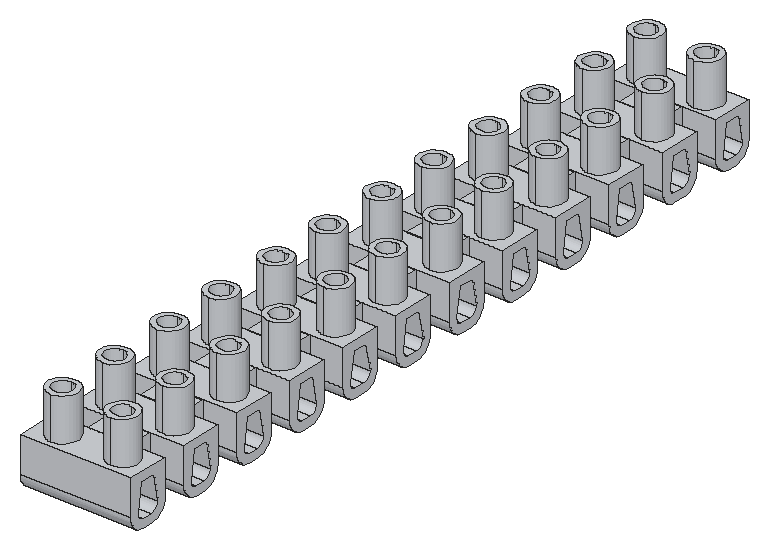
Revit family "CS3A", category Generic Models, Revit 2017
Family settings
  Can host rebar = No
  Round Connector Dimension = Use Diameter
  Part Type = Normal
  Work Plane-Based = Yes
  Always vertical = No
  Cut with Voids When Loaded = No
  Shared = No
  Room Calculation Point = No
Parameters (values of type "NBS Standard Parameters")
  Weight = "0.0155Kg"
  WarrantyStartDate [instance] = "1900-12-31T23:59:59"
  WarrantyGuarantorParts = "n/a"
  WarrantyGuarantorLabor = "n/a"
  WarrantyDurationUnit = "1 year"
  WarrantyDurationParts = "n/a"
  WarrantyDurationLabor = "n/a"
  WarrantyDescription = "n/a"
  Version = "1"
  Uniclass2 = "Pr_65_72_97_27"
  TagNumber [instance] = "n/a"
  SustainabilityPerformance = "n/a"
  Size = "3amp"
  Shape = "Circular"
  SerialNumber [instance] = "n/a"
  Revision = "n/a"
  ReplacementCost = "n/a"
  ProductInformation = "www.metpro.co.uk/pdf/cs3a.pdf"
  NominalWidth = 15.6 mm
  NominalLength = 90 mm
  NominalHeight = 12.7 mm
  Name = ""
  NBSTypeID = ""
  NBSReference = "90-60-25/485"
  NBSOfficeMasterTag = ""
  NBSNote = ""
  NBSDescription = "Electrical Connection Boxes"
  NBSCertification = ""
  ModelReference = "CS3A"
  ModelNumber = "n/a"
  Material = "Polyethylene"
  ManufacturerURL = "www.metpro.co.uk"
  ManufacturerName = "Metpro Ltd"
  Keynote = "Maximum Temperature 80 degree celsius"
  InstallationDate [instance] = "1900-12-31T23:59:59"
  IfcExportType = ""
  IfcExportAs = ""
  Grade = "n/a"
  Finish = "Natural"
  Features = "n/a"
  ExpectedLife = "n/a"
  DurationUnit = "year"
  Description = "CS3A - 3 Amp 12 way Connector Strip"
  Default Elevation = 1219.2 mm
  Constituents = "n/a"
  Color = "n/a"
  CodePerformance = "n/a"
  Category = "n/a"
  BarCode [instance] = "n/a"
  BIMObjectName = "Metpro_metprolibrary_electricalconnectionbox _connectorstrip_polyproplene"
  Author = "Metpro Limited"
  AssetType = ""
  AssetIdentifier [instance] = "n/a"
  AccessibilityPerformance = "n/a"
Reference planes
  plane 1 "Center (Front/Back)": y = 0
  plane 2: z = 0
  plane 3 "Center (Left/Right)": x = 0
Forms (mm)
  Extrusion 1, solid
    sketch origin (-10657.102, 314.192, 2.732) x (0, 1, 0) y (0, 0, 1)
      loop
        line (162.733, 31.137) -> (162.733, 26.097)
        arc (162.733, 26.097) -> (163.395, 24.499) -> (164.993, 23.837) r 2.26
        line (164.993, 23.837) -> (166.186, 23.837)
        arc (166.186, 23.837) -> (167.812, 24.511) -> (168.486, 26.137) r 2.3
        line (168.486, 26.137) -> (168.486, 31.137) -> (162.733, 31.137)
      loop
        arc (163.933, 26.097) -> (164.243, 25.348) -> (164.993, 25.037) r 1.06
        line (164.993, 25.037) -> (166.433, 25.037)
        arc (166.433, 25.037) -> (167.211, 25.359) -> (167.533, 26.137) r 1.1
        line (167.533, 26.137) -> (166.794, 29.937) -> (164.517, 29.937) -> (163.933, 26.097)
      loop
        line (153.308, 31.137) -> (153.308, 26.097)
        arc (153.308, 26.097) -> (153.97, 24.499) -> (155.568, 23.837) r 2.26
        line (155.568, 23.837) -> (157.008, 23.837)
        arc (157.008, 23.837) -> (158.635, 24.511) -> (159.308, 26.137) r 2.3
        line (159.308, 26.137) -> (159.308, 31.137) -> (153.308, 31.137)
      loop
        arc (154.508, 26.097) -> (154.819, 25.348) -> (155.568, 25.037) r 1.06
        line (155.568, 25.037) -> (157.008, 25.037)
        arc (157.008, 25.037) -> (157.786, 25.359) -> (158.108, 26.137) r 1.1
        line (158.108, 26.137) -> (157.37, 29.937) -> (155.093, 29.937) -> (154.508, 26.097)
      loop
        line (143.859, 31.137) -> (143.859, 26.097)
        arc (143.859, 26.097) -> (144.521, 24.499) -> (146.119, 23.837) r 2.26
        line (146.119, 23.837) -> (147.559, 23.837)
        arc (147.559, 23.837) -> (149.186, 24.511) -> (149.859, 26.137) r 2.3
        line (149.859, 26.137) -> (149.859, 31.137) -> (143.859, 31.137)
      loop
        arc (145.059, 26.097) -> (145.37, 25.348) -> (146.119, 25.037) r 1.06
        line (146.119, 25.037) -> (147.559, 25.037)
        arc (147.559, 25.037) -> (148.337, 25.359) -> (148.659, 26.137) r 1.1
        line (148.659, 26.137) -> (147.921, 29.937) -> (145.644, 29.937) -> (145.059, 26.097)
      loop
        line (134.473, 31.137) -> (134.473, 26.097)
        arc (134.473, 26.097) -> (135.135, 24.499) -> (136.733, 23.837) r 2.26
        line (136.733, 23.837) -> (138.173, 23.837)
        arc (138.173, 23.837) -> (139.799, 24.511) -> (140.473, 26.137) r 2.3
        line (140.473, 26.137) -> (140.473, 31.137) -> (134.473, 31.137)
      loop
        arc (135.673, 26.097) -> (135.983, 25.348) -> (136.733, 25.037) r 1.06
        line (136.733, 25.037) -> (138.173, 25.037)
        arc (138.173, 25.037) -> (138.951, 25.359) -> (139.273, 26.137) r 1.1
        line (139.273, 26.137) -> (138.534, 29.937) -> (136.257, 29.937) -> (135.673, 26.097)
      loop
        line (125.024, 31.137) -> (125.024, 26.097)
        arc (125.024, 26.097) -> (125.686, 24.499) -> (127.284, 23.837) r 2.26
        line (127.284, 23.837) -> (128.724, 23.837)
        arc (128.724, 23.837) -> (130.35, 24.511) -> (131.024, 26.137) r 2.3
        line (131.024, 26.137) -> (131.024, 31.137) -> (125.024, 31.137)
      loop
        arc (126.224, 26.097) -> (126.534, 25.348) -> (127.284, 25.037) r 1.06
        line (127.284, 25.037) -> (128.724, 25.037)
        arc (128.724, 25.037) -> (129.502, 25.359) -> (129.824, 26.137) r 1.1
        line (129.824, 26.137) -> (129.085, 29.937) -> (126.808, 29.937) -> (126.224, 26.097)
      loop
        line (115.604, 31.137) -> (115.604, 26.097)
        arc (115.604, 26.097) -> (116.266, 24.499) -> (117.864, 23.837) r 2.26
        line (117.864, 23.837) -> (119.304, 23.837)
        arc (119.304, 23.837) -> (120.93, 24.511) -> (121.604, 26.137) r 2.3
        line (121.604, 26.137) -> (121.604, 31.137) -> (115.604, 31.137)
      loop
        arc (116.804, 26.097) -> (117.114, 25.348) -> (117.864, 25.037) r 1.06
        line (117.864, 25.037) -> (119.304, 25.037)
        arc (119.304, 25.037) -> (120.082, 25.359) -> (120.404, 26.137) r 1.1
        line (120.404, 26.137) -> (119.665, 29.937) -> (117.388, 29.937) -> (116.804, 26.097)
      loop
        line (106.183, 31.137) -> (106.183, 26.097)
        arc (106.183, 26.097) -> (106.845, 24.499) -> (108.443, 23.837) r 2.26
        line (108.443, 23.837) -> (109.883, 23.837)
        arc (109.883, 23.837) -> (111.509, 24.511) -> (112.183, 26.137) r 2.3
        line (112.183, 26.137) -> (112.183, 31.137) -> (106.183, 31.137)
      loop
        arc (107.383, 26.097) -> (107.693, 25.348) -> (108.443, 25.037) r 1.06
        line (108.443, 25.037) -> (109.883, 25.037)
        arc (109.883, 25.037) -> (110.66, 25.359) -> (110.983, 26.137) r 1.1
        line (110.983, 26.137) -> (110.244, 29.937) -> (107.967, 29.937) -> (107.383, 26.097)
      loop
        line (96.825, 31.137) -> (96.825, 26.097)
        arc (96.825, 26.097) -> (97.487, 24.499) -> (99.086, 23.837) r 2.26
        line (99.086, 23.837) -> (100.525, 23.837)
        arc (100.525, 23.837) -> (102.152, 24.511) -> (102.825, 26.137) r 2.3
        line (102.825, 26.137) -> (102.825, 31.137) -> (96.825, 31.137)
      loop
        arc (98.025, 26.097) -> (98.336, 25.348) -> (99.086, 25.037) r 1.06
        line (99.086, 25.037) -> (100.525, 25.037)
        arc (100.525, 25.037) -> (101.303, 25.359) -> (101.625, 26.137) r 1.1
        line (101.625, 26.137) -> (100.887, 29.937) -> (98.61, 29.937) -> (98.025, 26.097)
      loop
        line (87.404, 31.137) -> (87.404, 26.097)
        arc (87.404, 26.097) -> (88.066, 24.499) -> (89.664, 23.837) r 2.26
        line (89.664, 23.837) -> (91.104, 23.837)
        arc (91.104, 23.837) -> (92.73, 24.511) -> (93.404, 26.137) r 2.3
        line (93.404, 26.137) -> (93.404, 31.137) -> (87.404, 31.137)
      loop
        arc (88.604, 26.097) -> (88.915, 25.348) -> (89.664, 25.037) r 1.06
        line (89.664, 25.037) -> (91.104, 25.037)
        arc (91.104, 25.037) -> (91.882, 25.359) -> (92.204, 26.137) r 1.1
        line (92.204, 26.137) -> (91.465, 29.937) -> (89.189, 29.937) -> (88.604, 26.097)
      loop
        line (77.983, 31.137) -> (77.983, 26.097)
        arc (77.983, 26.097) -> (78.645, 24.499) -> (80.243, 23.837) r 2.26
        line (80.243, 23.837) -> (81.683, 23.837)
        arc (81.683, 23.837) -> (83.309, 24.511) -> (83.983, 26.137) r 2.3
        line (83.983, 26.137) -> (83.983, 31.137) -> (77.983, 31.137)
      loop
        arc (79.183, 26.097) -> (79.493, 25.348) -> (80.243, 25.037) r 1.06
        line (80.243, 25.037) -> (81.683, 25.037)
        arc (81.683, 25.037) -> (82.461, 25.359) -> (82.783, 26.137) r 1.1
        line (82.783, 26.137) -> (82.044, 29.937) -> (79.767, 29.937) -> (79.183, 26.097)
      loop
        line (68.561, 31.137) -> (68.561, 26.097)
        arc (68.561, 26.097) -> (69.223, 24.499) -> (70.822, 23.837) r 2.26
        line (70.822, 23.837) -> (72.261, 23.837)
        arc (72.261, 23.837) -> (73.888, 24.511) -> (74.561, 26.137) r 2.3
        line (74.561, 26.137) -> (74.561, 31.137) -> (68.561, 31.137)
      loop
        arc (69.761, 26.097) -> (70.072, 25.348) -> (70.822, 25.037) r 1.06
        line (70.822, 25.037) -> (72.261, 25.037)
        arc (72.261, 25.037) -> (73.039, 25.359) -> (73.361, 26.137) r 1.1
        line (73.361, 26.137) -> (72.623, 29.937) -> (70.346, 29.937) -> (69.761, 26.097)
      loop
        line (59.207, 31.137) -> (59.207, 26.097)
        arc (59.207, 26.097) -> (59.869, 24.499) -> (61.467, 23.837) r 2.26
        line (61.467, 23.837) -> (62.907, 23.837)
        arc (62.907, 23.837) -> (64.534, 24.511) -> (65.207, 26.137) r 2.3
        line (65.207, 26.137) -> (65.207, 31.137) -> (59.207, 31.137)
      loop
        arc (60.407, 26.097) -> (60.718, 25.348) -> (61.467, 25.037) r 1.06
        line (61.467, 25.037) -> (62.907, 25.037)
        arc (62.907, 25.037) -> (63.685, 25.359) -> (64.007, 26.137) r 1.1
        line (64.007, 26.137) -> (63.269, 29.937) -> (60.992, 29.937) -> (60.407, 26.097)
    from -7.827 to 7.8
  Extrusion 2, solid
    sketch origin (-10657.102, 314.192, 2.732) x (0, 1, 0) y (0, 0, 1)
      loop
        arc (65.207, 26.137) -> (64.534, 24.511) -> (62.907, 23.837) r 2.3
        line (62.907, 23.837) -> (70.822, 23.837)
        arc (70.822, 23.837) -> (69.223, 24.499) -> (68.561, 26.097) r 2.26
        line (68.561, 26.097) -> (68.561, 31.137) -> (65.207, 31.137) -> (65.207, 26.137)
      loop
        arc (74.561, 26.137) -> (73.888, 24.511) -> (72.261, 23.837) r 2.3
        line (72.261, 23.837) -> (80.243, 23.837)
        arc (80.243, 23.837) -> (78.645, 24.499) -> (77.983, 26.097) r 2.26
        line (77.983, 26.097) -> (77.983, 31.137) -> (74.561, 31.137) -> (74.561, 26.137)
      loop
        arc (83.983, 26.137) -> (83.309, 24.511) -> (81.683, 23.837) r 2.3
        line (81.683, 23.837) -> (89.664, 23.837)
        arc (89.664, 23.837) -> (88.066, 24.499) -> (87.404, 26.097) r 2.26
        line (87.404, 26.097) -> (87.404, 31.137) -> (83.983, 31.137) -> (83.983, 26.137)
      loop
        line (91.104, 23.837) -> (99.086, 23.837)
        arc (99.086, 23.837) -> (97.487, 24.499) -> (96.825, 26.097) r 2.26
        line (96.825, 26.097) -> (96.825, 31.137) -> (93.404, 31.137) -> (93.404, 26.137)
        arc (93.404, 26.137) -> (92.73, 24.511) -> (91.104, 23.837) r 2.3
      loop
        line (100.525, 23.837) -> (108.443, 23.837)
        arc (108.443, 23.837) -> (106.845, 24.499) -> (106.183, 26.097) r 2.26
        line (106.183, 26.097) -> (106.183, 31.137) -> (102.825, 31.137) -> (102.825, 26.137)
        arc (102.825, 26.137) -> (102.152, 24.511) -> (100.525, 23.837) r 2.3
      loop
        line (109.883, 23.837) -> (117.864, 23.837)
        arc (117.864, 23.837) -> (116.266, 24.499) -> (115.604, 26.097) r 2.26
        line (115.604, 26.097) -> (115.604, 31.137) -> (112.183, 31.137) -> (112.183, 26.137)
        arc (112.183, 26.137) -> (111.509, 24.511) -> (109.883, 23.837) r 2.3
      loop
        line (119.304, 23.837) -> (127.284, 23.837)
        arc (127.284, 23.837) -> (125.686, 24.499) -> (125.024, 26.097) r 2.26
        line (125.024, 26.097) -> (125.024, 31.137) -> (121.604, 31.137) -> (121.604, 26.137)
        arc (121.604, 26.137) -> (120.93, 24.511) -> (119.304, 23.837) r 2.3
      loop
        line (128.724, 23.837) -> (136.733, 23.837)
        arc (136.733, 23.837) -> (135.135, 24.499) -> (134.473, 26.097) r 2.26
        line (134.473, 26.097) -> (134.473, 31.137) -> (131.024, 31.137) -> (131.024, 26.137)
        arc (131.024, 26.137) -> (130.35, 24.511) -> (128.724, 23.837) r 2.3
      loop
        line (138.173, 23.837) -> (146.119, 23.837)
        arc (146.119, 23.837) -> (144.521, 24.499) -> (143.859, 26.097) r 2.26
        line (143.859, 26.097) -> (143.859, 31.137) -> (140.473, 31.137) -> (140.473, 26.137)
        arc (140.473, 26.137) -> (139.799, 24.511) -> (138.173, 23.837) r 2.3
      loop
        arc (149.859, 26.137) -> (149.186, 24.511) -> (147.559, 23.837) r 2.3
        line (147.559, 23.837) -> (155.568, 23.837)
        arc (155.568, 23.837) -> (153.97, 24.499) -> (153.308, 26.097) r 2.26
        line (153.308, 26.097) -> (153.308, 31.137) -> (149.859, 31.137) -> (149.859, 26.137)
      loop
        arc (159.308, 26.137) -> (158.635, 24.511) -> (157.008, 23.837) r 2.3
        line (157.008, 23.837) -> (164.993, 23.837)
        arc (164.993, 23.837) -> (163.395, 24.499) -> (162.733, 26.097) r 2.26
        line (162.733, 26.097) -> (162.733, 31.137) -> (159.308, 31.137) -> (159.308, 26.137)
    from -3.043 to 2.998
  Extrusion 3, solid
    sketch origin (-10657.102, 422.038, 33.869) x (0, -1, 0) y (1, 0, 0)
      loop
        circle (45.553, -4.245) r 2.149
      loop
        circle (45.553, -4.245) r 1.414
      loop
        circle (45.553, 4.219) r 2.149
      loop
        circle (45.553, 4.219) r 1.414
      loop
        circle (36.37, -4.245) r 2.149
      loop
        circle (36.37, -4.245) r 1.414
      loop
        circle (36.37, 4.219) r 2.149
      loop
        circle (36.37, 4.219) r 1.414
      loop
        circle (17.595, -4.245) r 2.149
      loop
        circle (17.595, -4.245) r 1.414
      loop
        circle (17.595, 4.219) r 2.149
      loop
        circle (17.595, 4.219) r 1.414
      loop
        circle (26.778, -4.245) r 2.149
      loop
        circle (26.778, -4.245) r 1.414
      loop
        circle (26.778, 4.219) r 2.149
      loop
        circle (26.778, 4.219) r 1.414
      loop
        circle (-20.091, -4.245) r 2.149
      loop
        circle (-20.091, -4.245) r 1.414
      loop
        circle (-20.091, 4.219) r 2.149
      loop
        circle (-20.091, 4.219) r 1.414
      loop
        circle (-10.908, -4.245) r 2.149
      loop
        circle (-10.908, -4.245) r 1.414
      loop
        circle (-10.908, 4.219) r 2.149
      loop
        circle (-10.908, 4.219) r 1.414
      loop
        circle (7.868, -4.245) r 2.149
      loop
        circle (7.868, -4.245) r 1.414
      loop
        circle (7.868, 4.219) r 2.149
      loop
        circle (7.868, 4.219) r 1.414
      loop
        circle (-1.315, -4.245) r 2.149
      loop
        circle (-1.315, -4.245) r 1.414
      loop
        circle (-1.315, 4.219) r 2.149
      loop
        circle (-1.315, 4.219) r 1.414
      loop
        circle (-29.714, -4.245) r 2.149
      loop
        circle (-29.714, -4.245) r 1.414
      loop
        circle (-29.714, 4.219) r 2.149
      loop
        circle (-29.714, 4.219) r 1.414
      loop
        circle (-38.897, -4.245) r 2.149
      loop
        circle (-38.897, -4.245) r 1.414
      loop
        circle (-38.897, 4.219) r 2.149
      loop
        circle (-38.897, 4.219) r 1.414
      loop
        circle (-57.673, -4.245) r 2.149
      loop
        circle (-57.673, -4.245) r 1.414
      loop
        circle (-57.673, 4.219) r 2.149
      loop
        circle (-57.673, 4.219) r 1.414
      loop
        circle (-48.49, -4.245) r 2.149
      loop
        circle (-48.49, -4.245) r 1.414
      loop
        circle (-48.49, 4.219) r 2.149
      loop
        circle (-48.49, 4.219) r 1.414
    from 0 to 6
Dimensions and locks
  aligned and locked: level to plane 2
